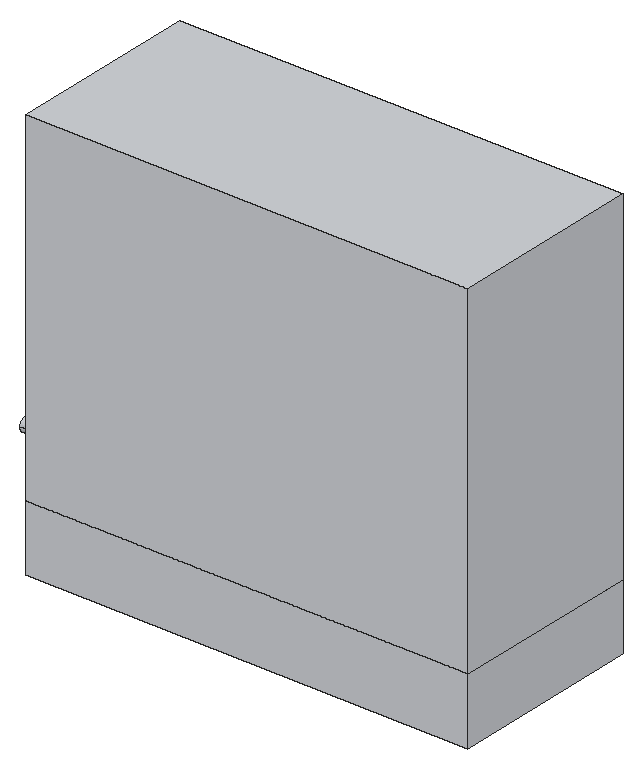
Revit family "Serpentina AHU - Água Aquecida- HDT", category Equipamento mecânico, Revit 2019
Family settings
  Cota do conector redondo = Usar raio
  Tipo de parte = Normal
  ID de item do Seek = AHU Coil - Refrigerant - Indoor-0000-USA-ENU
  Com base no plano de trabalho = Não
  Sempre na vertical = Sim
  Corte com vazios quando carregada = Não
  Compartilhado = Não
  Ponto de cálculo do ambiente = Não
Parameters (values of type "Padrão")
  Queda de pressão da água [instance] = 39817.0 Pa
  Altura da conexão de água 2 = 650 mm
  Altura da conexão de água 1 = 200 mm
  Largura do duto = 800 mm
  Altura do duto = 625 mm
  Largura da serpentina = 350 mm
  Comprimento da serpentina = 800 mm
  Altura da serpentina = 745 mm
  Material base = none
  Altura base = 120 mm
  Velocidade do ar [instance] = 0.0 m/s
  Fluxo de ar [instance] = Velocidade do ar * Altura do duto * Largura do duto  # 0.0 L/s
  Raio 2 = Raio da água + 25.4 mm  # 37.9 mm
  Raio 1 = Raio 2 / 2  # 18.95 mm
  Material da serpentina = none
  Raio da água = 12.5 mm
  Fluxo da água [instance] = 1.0 L/s
  Diâmetro da água = Raio da água * 2  # 25 mm
  Queda de pressão do ar [instance] = 192.0 Pa
Reference planes
  plane 1 "Parte frontal": y = 0
  plane 2 "Inferior": z = 0
  plane 3 "Centro (direita/esquerda)": x = 0
  plane 4 "Esquerda": x = -400
  plane 5 "Direita": x = 400
  plane 6 "Centro (Frente/Trás)": y = 175
  plane 7 "Parte posterior": y = 350
  plane 8: y = 324.6
  plane 9: y = 286.7
  plane 10: y = 25.4
  plane 11: y = 63.3
  plane 12 "Superior": z = 745
  plane 13: z = 685
  plane 14: z = 60
  plane 15: x = 400
  plane 16: x = -400
  plane 17: x = -450
  plane 18: x = -400
  plane 19: x = -450
  plane 20: z = 120
  plane 21: z = 200
  plane 22: z = 650
  plane 23: z = 372.5
  plane 24 "Base": z = 120
Forms (mm)
  Extrusion 1, solid, material <- "Material da serpentina"
    sketch origin (0, 0, 0) x (1, 0, 0) y (0, 0, 1)
      loop
        line (-400, 745) -> (-400, 120) -> (400, 120) -> (400, 745) -> (-400, 745)
    from -350 to 0
  Extrusion 2, solid, material <- "Material da serpentina"
    sketch origin (0, 0, 0) x (0, 1, 0) y (0, 0, 1)
      loop
        circle (286.7, 650) r 12.5
      loop
        circle (63.3, 200) r 12.5
    from -450 to -400
  Extrusion 3, solid, material <- "Material base"
    sketch origin (0, 0, -240) x (1, 0, 0) y (0, 0, 1)
      loop
        line (-400, 360) -> (-400, 240) -> (400, 240) -> (400, 360) -> (-400, 360)
    from -350 to 0
Cuts and joins
  joined: Extrusion 1, Extrusion 2
Dimensions and locks
  equal spacing: plane 7 "Parte posterior", plane 6 "Centro (Frente/Trás)", plane 1 "Parte frontal"
  "Largura da serpentina": plane 7 "Parte posterior" to plane 1 "Parte frontal"
  equal spacing: plane 4 "Esquerda", plane 3 "Centro (direita/esquerda)", plane 5 "Direita"
  "Comprimento da serpentina": plane 4 "Esquerda" to plane 5 "Direita"
  locked: plane 7 "Parte posterior" to plane 8 at 25.4
  "Raio 2": plane 8 to plane 9
  locked: plane 1 "Parte frontal" to plane 10 at 25.4
  "Raio 2": plane 11 to plane 10
  "Altura da serpentina": plane 12 "Superior" to plane 2 "Inferior"
  plane 20 to plane 2 "Inferior" = 120 mm
  equal spacing: plane 16, plane 3 "Centro (direita/esquerda)", plane 15
  "Largura do duto": plane 16 to plane 15
  equal spacing: plane 12 "Superior", plane 23, plane 2 "Inferior"
  equal spacing: plane 13, plane 23, plane 14
  "Altura do duto": plane 13 to plane 14
  "Altura base": plane 24 "Base" to plane 2 "Inferior"
  plane 4 "Esquerda" to plane 19 = 50 mm
  plane 18 to plane 17 = 50 mm
  "Altura da conexão de água 1": plane 21 to plane 2 "Inferior"
  "Altura da conexão de água 2": plane 22 to plane 2 "Inferior"
  "Raio da água": radius of Extrusion 2 sketch curve  (x2)
  aligned and locked: plane 4 "Esquerda" to Extrusion 1 sketch curve
  aligned and locked: Extrusion 1 sketch curve to plane 12 "Superior"
  aligned and locked: plane 5 "Direita" to Extrusion 1 sketch curve
  aligned and locked: plane 7 "Parte posterior" to Extrusion 1
  aligned and locked: plane 1 "Parte frontal" to Extrusion 1
  aligned and locked: plane 11 to Extrusion 2 sketch curve
  aligned and locked: plane 21 to Extrusion 2 sketch curve
  aligned and locked: plane 9 to Extrusion 2 sketch curve
  aligned and locked: plane 22 to Extrusion 2 sketch curve
  aligned and locked: Extrusion 2 to plane 19
  aligned and locked: plane 18 to Extrusion 2
  aligned and locked: plane 18 to plane 4 "Esquerda"
  aligned and locked: plane 24 "Base" to Extrusion 1 sketch curve
  aligned and locked: Extrusion 3 to plane 2 "Inferior"
  aligned and locked: plane 24 "Base" to Extrusion 3
  aligned and locked: plane 7 "Parte posterior" to Extrusion 3
Automatic sketch dimensions
  Extrusion 3 sketch curve to plane 4 "Esquerda" = 0 mm
  plane 5 "Direita" to Extrusion 3 sketch curve = 0 mm
  Extrusion 3 sketch curve to level = 0 mm
  Extrusion 3 sketch curve to plane 23 = 252.5 mm
Connectors
  piping at (-450, 286.7, 650), diameter 25, driven by "Fluxo da água", driven by "Queda de pressão da água", driven by "Raio da água"
    settings: on cut or joined group of Extrusion 1, Extrusion 2, index 3, connector inside diameter 25 mm, connector length 0 mm, flow factor 0, pipe flow 1.0 L/s, pressure drop 39817.0 Pa, fitting loss kfactor 0, connector angle 0.00°, fixture units 0, engagement length 0 mm, angle of deflection 0.00°, flow configuration 1, flow direction 2, fitting loss method 4, system type 8, joint type 0, gender type 0, connector reference index 4, connector utility 0, adjustable connector no, is connector primary yes, connector description "Saída de água"
  piping at (-450, 63.3, 200), diameter 25, driven by "Raio da água", driven by "Fluxo da água"
    settings: on cut or joined group of Extrusion 1, Extrusion 2, index 4, connector inside diameter 25 mm, connector length 0 mm, flow factor 0, pipe flow 1.0 L/s, pressure drop 0.0 Pa, fitting loss kfactor 0, connector angle 0.00°, fixture units 0, engagement length 0 mm, angle of deflection 0.00°, flow configuration 1, flow direction 1, fitting loss method 4, system type 7, joint type 0, gender type 0, connector reference index 3, connector utility 0, adjustable connector no, is connector primary no, connector description "Entrada de água quente"
  hvac at (0, 350, 432.5), driven by "Queda de pressão do ar", driven by "Fluxo de ar", driven by "Altura do duto", driven by "Largura do duto"
    settings: on cut or joined group of Extrusion 1, Extrusion 2, index 7, duct flow 0.0 L/s, flow factor 0, pres drop 192.0 Pa, loss coef 0, conn angle 0.00°, conn width 800 mm, conn height 625 mm, conn diameter 609.6 mm, duct sys type 1, conn prof type 1, flow config 0, flow direction 2, loss method 4, conn ref index 8, conn util no, is conn primary yes, conn desc "Saída de suprimento de ar"
  hvac at (0, 0, 432.5), driven by "Fluxo de ar", driven by "Altura do duto", driven by "Largura do duto"
    settings: on cut or joined group of Extrusion 1, Extrusion 2, index 8, duct flow 0.0 L/s, flow factor 0, pres drop 0.0 Pa, loss coef 0, conn angle 0.00°, conn width 800 mm, conn height 625 mm, conn diameter 609.6 mm, duct sys type 2, conn prof type 1, flow config 0, flow direction 1, loss method 0, conn ref index 7, conn util no, is conn primary no, conn desc "Entrada de ar fresco"
Types in the file's own list only (18): name | Altura da conexão de água 2 | Altura da conexão de água 1 | Largura do duto | Altura do duto | Comprimento da serpentina | Altura da serpentina | Raio 2 | Raio 1 | Raio da água
  Para 0.24 metros quadrados de serpentina | 645 mm | 220 mm | 800 mm | 625 mm | 800 mm | 745 mm | 38 mm | 19 mm | 13 mm
  Para 0.31 metros quadrados de serpentina | 645 mm | 220 mm | 975 mm | 625 mm | 975 mm | 745 mm | 38 mm | 19 mm | 13 mm
  Para 0.47 metros quadrados de serpentina | 645 mm | 220 mm | 1325 mm | 625 mm | 1325 mm | 745 mm | 38 mm | 19 mm | 13 mm
  Para 0.67 metros quadrados de serpentina | 820 mm | 220 mm | 1325 mm | 800 mm | 1325 mm | 920 mm | 38 mm | 19 mm | 13 mm
  Para 0.78 metros quadrados de serpentina | 820 mm | 220 mm | 1500 mm | 800 mm | 1500 mm | 920 mm | 38 mm | 19 mm | 13 mm
  Para 0.98 metros quadrados de serpentina | 995 mm | 220 mm | 1500 mm | 975 mm | 1500 mm | 1095 mm | 38 mm | 19 mm | 13 mm
  Para 1.13 metros quadrados de serpentina | 995 mm | 220 mm | 1675 mm | 975 mm | 1675 mm | 1095 mm | 38 mm | 19 mm | 13 mm
  Para 1.57 metros quadrados de serpentina | 1170 mm | 220 mm | 1850 mm | 1150 mm | 1850 mm | 1270 mm | 38 mm | 19 mm | 13 mm
  Para 1.88 metros quadrados de serpentina | 1520 mm | 220 mm | 1675 mm | 1500 mm | 1675 mm | 1620 mm | 38 mm | 19 mm | 13 mm
  Para 2.12 metros quadrados de serpentina | 1520 mm | 220 mm | 1850 mm | 1500 mm | 1850 mm | 1620 mm | 38 mm | 19 mm | 13 mm
  Para 2.44 metros quadrados de serpentina | 1695 mm | 220 mm | 2025 mm | 1675 mm | 2025 mm | 1795 mm | 38 mm | 19 mm | 13 mm
  Para 2.88 metros quadrados de serpentina | 1870 mm | 220 mm | 2025 mm | 1850 mm | 2025 mm | 1970 mm | 38 mm | 19 mm | 13 mm
  Para 3.17 metros quadrados de serpentina | 1870 mm | 220 mm | 2200 mm | 1850 mm | 2200 mm | 1970 mm | 38 mm | 19 mm | 13 mm
  Para 3.46 metros quadrados de serpentina | 1870 mm | 220 mm | 2375 mm | 1850 mm | 2375 mm | 1970 mm | 38 mm | 19 mm | 13 mm
  Para 3.86 metros quadrados de serpentina | 2045 mm | 220 mm | 2375 mm | 2025 mm | 2375 mm | 2145 mm | 38 mm | 19 mm | 13 mm
  Para 4.19 metros quadrados de serpentina | 2220 mm | 220 mm | 2375 mm | 2200 mm | 2375 mm | 2320 mm | 38 mm | 19 mm | 13 mm
  Para 5.25 metros quadrados de serpentina | 2220 mm | 220 mm | 2900 mm | 2200 mm | 2900 mm | 2320 mm | 38 mm | 19 mm | 13 mm
  Para 6.16 metros quadrados de serpentina | 2570 mm | 220 mm | 2900 mm | 2550 mm | 2900 mm | 2670 mm | 38 mm | 19 mm | 13 mm
